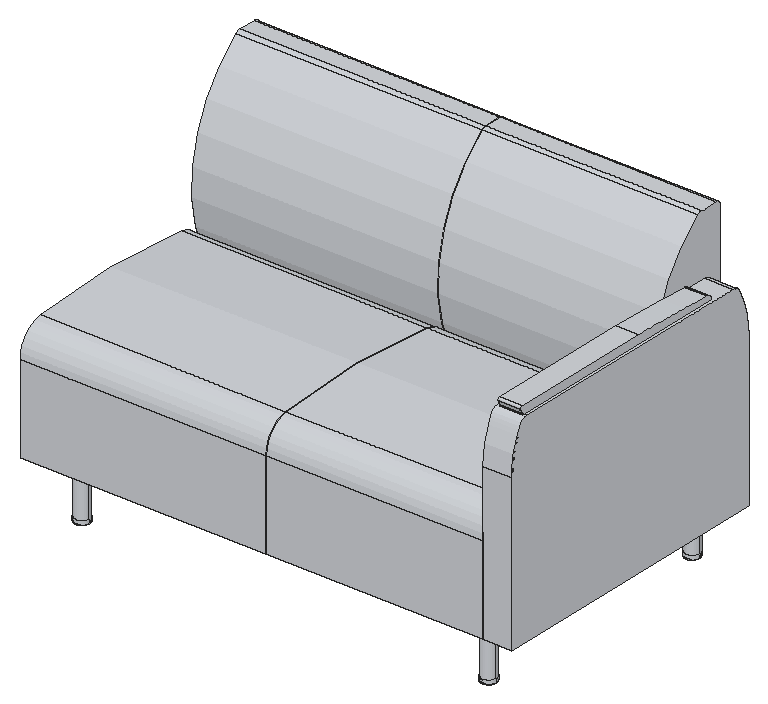
Revit family "Seat-LaZBoy-Assymble_Lounge_Seating-AS22R", category Furniture, Revit 2017
Family settings
  OmniClass Number = 23.40.20.00
  OmniClass Title = General Furniture and Specialties
  Work Plane-Based = No
  Always vertical = Yes
  Cut with Voids When Loaded = No
  Shared = No
  Room Calculation Point = No
Parameters (values of type "Solid Surface Arms Caps")
  Width = 51.00"  # constant formula
  URL = "https://www.la-z-boy.com/"
  Seat Material [instance] = none
  Product Documentation Link = "URL"
  Model = "AS22LJ"
  Manufacturer = "LaZBoy"
  Height = 32.75"  # constant formula
  Description = "2 Seat Lounge Chair, Left Side Facing with Solid Surface Arms Caps"
  Depth = 30.75"  # constant formula
  Copyright © = "Inc"
  Back Material [instance] = none
  Assembly Code = "E2020200"
  Armcap Material [instance] = none
  Arm Material [instance] = none
Types (4): name | Model | Description
  Upholstered Arms | "AS22LF" | "2 Seat Lounge Chair, Left Side Facing with Upholstered Arms"
  Urethane Arms Caps | "AS22LU" | "2 Seat Lounge Chair, Left Side Facing with Urethane Arms Caps"
  Wood Arms Caps | "AS22LW" | "2 Seat Lounge Chair, Left Side Facing with Wood Arms Caps"
  Solid Surface Arms Caps | "AS22LJ" | "2 Seat Lounge Chair, Left Side Facing with Solid Surface Arms Caps"
Reference planes (in)
  plane 1 "Center (Front/Back)": y = 0
  plane 2: z = 0
  plane 3 "Center (Left/Right)": x = 0
  plane 4: y = -15.375
  plane 5: z = 32.75
  plane 6: y = 15.375
  plane 7: x = -25.5
  plane 8: x = 25.5
  plane 9: z = 5.39888
  plane 10: x = 22.5
  plane 11 "glide 1": y = -12.84321
  plane 12: x = -21.11938
  plane 13 "glide 2": y = 13.59321
Forms (in)
  Extrusion 1, solid, material <- "Back Material"
    sketch origin (0, 0, 0) x (0, 1, 0) y (0, 0, 1)
      loop
        line (15.375, 5.39888) -> (15.375, 32.4)
        arc (15.375, 32.4) -> (15.27249, 32.64749) -> (15.025, 32.75) r 0.35
        line (15.025, 32.75) -> (13.18257, 32.75)
        arc (13.18257, 32.75) -> (12.88654, 32.70048) -> (12.62275, 32.55731) r 0.90955
        arc (12.62275, 32.55731) -> (7.27087, 24.12175) -> (8.46181, 14.20293) r 14.8761
        arc (8.46181, 14.20293) -> (10.29749, 9.8942) -> (11.61161, 5.39888) r 39.59734
        line (11.61161, 5.39888) -> (15.375, 5.39888)
    from -25.5 to 0
  Extrusion 2, solid, material <- "Seat Material"
    sketch origin (0, 0, 0) x (0, 1, 0) y (0, 0, 1)
      loop
        line (-15.375, 5.39888) -> (11.61161, 5.39888)
        arc (11.61161, 5.39888) -> (9.9596, 10.8034) -> (7.55503, 15.9177) r 39.59734
        arc (7.55503, 15.9177) -> (6.71811, 16.83642) -> (5.56221, 17.29288) r 2.75
        arc (5.56221, 17.29288) -> (-3.58084, 18.03171) -> (-12.7401, 17.53243) r 67.9538
        arc (-12.7401, 17.53243) -> (-14.6217, 16.54278) -> (-15.375, 14.55473) r 3
        line (-15.375, 14.55473) -> (-15.375, 5.39888)
    from -25.5 to 0
  Extrusion 3, solid
    sketch origin (0, 0, 0) x (1, 0, 0) y (0, 1, 0)
      loop
        circle (-21.11938, 13.59321) r 0.75
      loop
        circle (21.11938, 13.59321) r 0.75
      loop
        circle (-21.11938, -12.84321) r 0.75
      loop
        circle (21.11938, -12.84321) r 0.75
    from 0 to 5.39888
  Extrusion 4, solid, material <- "Back Material"
    sketch origin (0, 0, 0) x (0, 1, 0) y (0, 0, -1)
      loop
        line (15.375, -5.39888) -> (11.61161, -5.39888)
        arc (11.61161, -5.39888) -> (10.29749, -9.8942) -> (8.46181, -14.20293) r 39.59734
        arc (8.46181, -14.20293) -> (7.27087, -24.12175) -> (12.62275, -32.55731) r 14.8761
        arc (12.62275, -32.55731) -> (12.88654, -32.70048) -> (13.18257, -32.75) r 0.90955
        line (13.18257, -32.75) -> (15.025, -32.75)
        arc (15.025, -32.75) -> (15.27249, -32.64749) -> (15.375, -32.4) r 0.35
        line (15.375, -32.4) -> (15.375, -5.39888)
    from -22.5 to 0
  Extrusion 5, solid, material <- "Seat Material"
    sketch origin (0, 0, 0) x (0, 1, 0) y (0, 0, -1)
      loop
        line (-15.375, -5.39888) -> (-15.375, -14.55473)
        arc (-15.375, -14.55473) -> (-14.6217, -16.54278) -> (-12.7401, -17.53243) r 3
        arc (-12.7401, -17.53243) -> (-3.58084, -18.03171) -> (5.56221, -17.29288) r 67.9538
        arc (5.56221, -17.29288) -> (6.71811, -16.83642) -> (7.55503, -15.9177) r 2.75
        arc (7.55503, -15.9177) -> (9.9596, -10.8034) -> (11.61161, -5.39888) r 39.59734
        line (11.61161, -5.39888) -> (-15.375, -5.39888)
    from -22.5 to 0
  Revolve 6, solid
    sketch origin (-12, -12.84321, 0) x (1, 0, 0) y (0, 0, 1)
      loop
        line (-9.11938, 0) -> (-8.38039, 0)
        arc (-8.38039, 0) -> (-8.34459, 0.01483) -> (-8.32976, 0.05064) r 0.05064
        line (-8.32976, 0.05064) -> (-8.32976, 0.40859) -> (-9.11938, 0.40859) -> (-9.11938, 0)
      axis (-9.11938, 0.40859) -> (-9.11938, 0)
    angle from 0 to 360
  Revolve 7, solid
    sketch origin (12, -12.84321, 0) x (-1, 0, 0) y (0, 0, 1)
      loop
        line (-9.11938, 0) -> (-8.38039, 0)
        arc (-8.38039, 0) -> (-8.34459, 0.01483) -> (-8.32976, 0.05064) r 0.05064
        line (-8.32976, 0.05064) -> (-8.32976, 0.40859) -> (-9.11938, 0.40859) -> (-9.11938, 0)
      axis (-9.11938, 0.40859) -> (-9.11938, 0)
    angle from 0 to 360
  Revolve 8, solid
    sketch origin (0, 13.59321, 0) x (1, 0, 0) y (0, 0, 1)
      loop
        line (-21.11938, 0) -> (-20.38039, 0)
        arc (-20.38039, 0) -> (-20.34459, 0.01483) -> (-20.32976, 0.05064) r 0.05064
        line (-20.32976, 0.05064) -> (-20.32976, 0.40859) -> (-21.11938, 0.40859) -> (-21.11938, 0)
      axis (-21.11938, 0.40859) -> (-21.11938, 0)
    angle from 0 to 360
  Revolve 9, solid
    sketch origin (0, 13.59321, 0) x (1, 0, 0) y (0, 0, 1)
      loop
        line (21.11938, 0) -> (21.11938, 0.40859) -> (20.32976, 0.40859) -> (20.32976, 0.05064)
        arc (20.32976, 0.05064) -> (20.34459, 0.01483) -> (20.38039, 0) r 0.05064
        line (20.38039, 0) -> (21.11938, 0)
      axis (21.11938, 0.40859) -> (21.11938, 0)
    angle from 0 to 360
Lines and regions (in)
  Masking region 1
    outline origin (0, 0, 0) x (1, 0, 0) y (0, 1, 0)
      loop
        line (-25.5, 15.375) -> (-25.5, -15.375) -> (22.5, -15.375) -> (22.5, 15.375) -> (-25.5, 15.375)
  symbolic lines, detail levels fine
    curve 1: line (22.5, 11.61161, 0) -> (-25.5, 11.61161, 0)
  symbolic lines, detail levels medium+fine
    curve 2: line (-25.5, 6.90274, 0) -> (22.5, 6.90274, 0)
    curve 3: line (0, -15.375, 0) -> (0, 11.61161, 0)
Dimensions and locks (in)
  equal spacing: plane 6, plane 1 "Center (Front/Back)", plane 4
  equal spacing: plane 7, plane 3 "Center (Left/Right)", plane 8
  "Width": plane 7 to plane 8
  "Depth": plane 4 to plane 6
  "Height": plane 5 to plane 2
  plane 6 to Extrusion 3 sketch curve = 1.78179"
  locked: plane 7 to Extrusion 3 sketch curve at 4.38062
  locked: plane 9 to plane 2 at 5.39888
  locked: plane 10 to plane 8 at 3
  locked: plane 13 "glide 2" to plane 6 at 1.78179
  locked: plane 4 to plane 11 "glide 1" at 2.53179
  aligned and locked: level to plane 2
  aligned and locked: plane 3 "Center (Left/Right)" to nested 1
  aligned and locked: plane 1 "Center (Front/Back)" to nested 1
  aligned and locked: plane 6 to Extrusion 1 sketch curve
  aligned and locked: Extrusion 3 to plane 9
  aligned and locked: Masking region 1 sketch curve to plane 6
  aligned and locked: Masking region 1 sketch curve to plane 4
  aligned and locked: curve 1 to Extrusion 2
  aligned and locked: plane 3 "Center (Left/Right)" to Extrusion 1
  aligned and locked: plane 3 "Center (Left/Right)" to Extrusion 2
  aligned and locked: Extrusion 4 to plane 3 "Center (Left/Right)"
  aligned and locked: Extrusion 5 to plane 3 "Center (Left/Right)"
  aligned and locked: nested 2 to plane 8
  aligned and locked: Extrusion 2 to plane 7
  aligned and locked: Extrusion 1 to plane 7
  aligned and locked: plane 7 to curve 1
  aligned and locked: plane 7 to curve 2
  aligned and locked: Masking region 1 to Extrusion 2
  aligned and locked: Masking region 1 sketch curve to plane 10
  aligned and locked: plane 10 to Extrusion 4
  aligned and locked: Extrusion 5 to plane 10
  aligned and locked: plane 10 to curve 2
  aligned and locked: plane 10 to curve 1
Automatic sketch dimensions
  curve 3 to plane 3 "Center (Left/Right)" = 0.00"
  plane 4 to curve 3 = 0.00"
  curve 2 to curve 1 = 4.70887"
  Extrusion 1 sketch curve to plane 9 = 0.00"
  Extrusion 1 sketch curve to plane 5 = 0.00"
  Extrusion 1 sketch curve to plane 5 = 0.35"
  plane 13 "glide 2" to Extrusion 1 sketch curve = 0.41064"
  plane 13 "glide 2" to Extrusion 1 sketch curve = 1.9816"
  Extrusion 1 sketch curve to level = 3.44449"
  plane 4 to Extrusion 1 sketch curve = 11.61059"
  plane 6 to Extrusion 1 sketch curve = 6.40384"
  Extrusion 1 sketch curve to plane 5 = 11.91722"
  Extrusion 1 sketch curve to plane 5 = 0.90955"
  Extrusion 1 sketch curve to Extrusion 1 sketch curve = 0.00"
  Extrusion 2 sketch curve to plane 4 = 0.00"
  Extrusion 2 sketch curve to plane 9 = 0.00"
  Extrusion 2 sketch curve to level = 3.44449"
  plane 4 to Extrusion 2 sketch curve = 11.61059"
  Extrusion 2 sketch curve to plane 11 "glide 1" = 0.46821"
  plane 1 "Center (Front/Back)" to Extrusion 2 sketch curve = 4.47018"
  Extrusion 2 sketch curve to plane 1 "Center (Front/Back)" = 5.15622"
  plane 13 "glide 2" to Extrusion 2 sketch curve = 1.9816"
  Extrusion 2 sketch curve to level = 49.91627"
  Extrusion 2 sketch curve to Extrusion 2 sketch curve = 9.15585"
  plane 9 to Extrusion 2 sketch curve = 9.17414"
  Extrusion 2 sketch curve to Extrusion 2 sketch curve = 0.00"  (x2)
  plane 11 "glide 1" to Extrusion 3 sketch curve = 0.00"  (x2)
  Extrusion 3 sketch curve to plane 12 = 0.00"
  plane 13 "glide 2" to Extrusion 3 sketch curve = 0.00"
  Extrusion 3 sketch curve to plane 10 = 1.38062"  (x2)
  Masking region 1 sketch curve to plane 7 = 0.00"
  Extrusion 4 sketch curve to plane 9 = 0.00"
  Extrusion 4 sketch curve to plane 5 = 0.00"
  Extrusion 4 sketch curve to plane 6 = 0.00"
  Extrusion 4 sketch curve to plane 5 = 0.35"
  plane 13 "glide 2" to Extrusion 4 sketch curve = 0.41064"
  plane 13 "glide 2" to Extrusion 4 sketch curve = 1.9816"
  Extrusion 4 sketch curve to level = 3.44449"
  plane 4 to Extrusion 4 sketch curve = 11.61059"
  plane 6 to Extrusion 4 sketch curve = 6.40384"
  Extrusion 4 sketch curve to plane 5 = 0.90955"
  Extrusion 4 sketch curve to plane 5 = 11.91722"
  Extrusion 4 sketch curve to Extrusion 4 sketch curve = 0.00"
  Extrusion 5 sketch curve to plane 4 = 0.00"
  Extrusion 5 sketch curve to plane 9 = 0.00"
  Extrusion 5 sketch curve to level = 3.44449"
  plane 4 to Extrusion 5 sketch curve = 11.61059"
  Extrusion 5 sketch curve to plane 11 "glide 1" = 0.46821"
  plane 1 "Center (Front/Back)" to Extrusion 5 sketch curve = 4.47018"
  Extrusion 5 sketch curve to plane 1 "Center (Front/Back)" = 5.15622"
  plane 13 "glide 2" to Extrusion 5 sketch curve = 1.9816"
  Extrusion 5 sketch curve to Extrusion 5 sketch curve = 9.15585"
  plane 9 to Extrusion 5 sketch curve = 9.17414"
  Extrusion 5 sketch curve to level = 49.91627"
  Extrusion 5 sketch curve to Extrusion 5 sketch curve = 0.00"  (x2)
  Revolve 6 sketch curve to plane 12 = 0.00"  (x2)
  Revolve 6 sketch curve to level = 0.00"
  plane 12 to Revolve 6 sketch curve = 0.73899"
  level to Revolve 6 sketch curve = 0.05064"
  Revolve 6 sketch curve to Revolve 6 sketch curve = 0.35795"
  Revolve 6 sketch curve to level = 0.50"
  Revolve 6 sketch curve to Revolve 6 sketch curve = 1.34141"
  Revolve 7 sketch curve to level = 0.00"
  plane 10 to Revolve 7 sketch curve = 1.38062"
  Revolve 7 sketch curve to Revolve 7 sketch curve = 0.73899"
  Revolve 7 sketch curve to level = 0.05064"
  Revolve 7 sketch curve to Revolve 7 sketch curve = 0.35795"
  Revolve 7 sketch curve to Revolve 7 sketch curve = 0.00"
  level to Revolve 7 sketch curve = 0.50"
  Revolve 7 sketch curve to Revolve 7 sketch curve = 1.34141"
  Revolve 8 sketch curve to plane 12 = 0.00"  (x2)
  Revolve 8 sketch curve to level = 0.00"
  plane 12 to Revolve 8 sketch curve = 0.73899"
  level to Revolve 8 sketch curve = 0.05064"
  Revolve 8 sketch curve to Revolve 8 sketch curve = 0.35795"
  Revolve 8 sketch curve to level = 0.50"
  Revolve 8 sketch curve to Revolve 8 sketch curve = 1.34141"
  Revolve 9 sketch curve to level = 0.00"
  level to Revolve 9 sketch curve = 0.40859"
  Revolve 9 sketch curve to plane 10 = 2.17024"
  level to Revolve 9 sketch curve = 0.05064"
  Revolve 9 sketch curve to Revolve 9 sketch curve = 0.73899"
  Revolve 9 sketch curve to Revolve 9 sketch curve = 0.00"
  Revolve 9 sketch curve to Revolve 9 sketch curve = 0.50"
  Revolve 9 sketch curve to Revolve 9 sketch curve = 1.34141"
  radius of Extrusion 3 sketch curve = 0.75"  (x4)
Nested families (in)
  nested 1: "Label 1-16" at (0, 0, 0), type "Center", detail levels fine
    with Offset (LR) 0.00"
  nested 2: "Leg-Assymble-AS" at (24, -0.42331, 0) x (-1, 0, 0) z (0, 0, 1), type "Standard"
    with With Armcap yes
Definition of nested family "Leg-Assymble-AS"
  Parameters (values of type "Standard")
    With Armcap [instance] = yes
    URL = ""
    On Legs = yes
    Model = ""
    Manufacturer = ""
    Description = ""
    Depth = 30.75"
    Assembly Code = "E2020200"
    Armcap Material = none
    Arm Material = none
  Reference planes (in)
    plane 1 "Center (Front/Back)": y = 0.42331
    plane 2: z = 0
    plane 3 "Center (Left/Right)": x = 0
    plane 4: y = -14.95169
    plane 5: y = 15.79831
    plane 6 "Top": z = 26.39888
    plane 7: z = 5.39888
    plane 8: x = -1.5
    plane 9: x = 1.5
    plane 10: z = 27.20597
  Forms (in)
    Extrusion 1, solid, material <- "Arm Material"
      sketch origin (0, 0, 0) x (0, 1, 0) y (0, 0, 1)
        loop
          line (-14.95169, 5.39888) -> (15.79831, 5.39888) -> (15.79831, 21.43599)
          spline (15.79831, 21.43599) -> (15.76797, 22.12079) -> (15.68527, 22.75327) -> (15.5627, 23.33665) -> (15.41272, 23.87418) -> (15.24784, 24.36908) -> (15.08052, 24.8246) -> (14.92237, 25.24351) -> (14.76729, 25.61955) -> (14.59281, 25.93806) -> (14.37586, 26.1841) -> (14.09335, 26.34269) -> (13.7222, 26.39888)
          line (13.7222, 26.39888) -> (-12.87557, 26.39888)
          spline (-12.87557, 26.39888) -> (-13.24672, 26.34269) -> (-13.52924, 26.1841) -> (-13.74619, 25.93806) -> (-13.92066, 25.61955) -> (-14.07574, 25.24351) -> (-14.23389, 24.8246) -> (-14.40121, 24.36908) -> (-14.5661, 23.87418) -> (-14.71607, 23.33665) -> (-14.83865, 22.75327) -> (-14.92135, 22.12079) -> (-14.95169, 21.43599)
          line (-14.95169, 21.43599) -> (-14.95169, 5.39888)
      from -1.5 to 1.5
    Extrusion 2, solid, material <- "Armcap Material", visible <- "With Armcap"
      sketch origin (0, 0, 0) x (0, 1, 0) y (0, 0, 1)
        loop
          line (-13.01699, 26.39888) -> (11.3584, 26.39888)
          arc (11.3584, 26.39888) -> (11.2289, 26.74416) -> (10.89493, 26.90053) r 0.48849
          line (10.89493, 26.90053) -> (10.8547, 26.90258)
          spline (10.8547, 26.90258) -> (9.81368, 26.95548) -> (8.97711, 26.99748) -> (8.27856, 27.03149) -> (7.65189, 27.06036) -> (7.04399, 27.08607) -> (6.41901, 27.10935) -> (5.74229, 27.13088) -> (4.97919, 27.15133) -> (4.10521, 27.17117) -> (3.20988, 27.18881) -> (2.45429, 27.20138) -> (2.00065, 27.20597)
          line (2.00065, 27.20597) -> (-13.10453, 27.20597)
          arc (-13.10453, 27.20597) -> (-13.26936, 27.11925) -> (-13.29125, 26.9343) r 0.2
          line (-13.29125, 26.9343) -> (-13.11035, 26.46304)
          arc (-13.11035, 26.46304) -> (-13.07363, 26.41646) -> (-13.01699, 26.39888) r 0.1
      from -1.18 to 1.18
  Lines and regions (in)
    Masking region 1
      outline origin (0, 0, 0) x (1, 0, 0) y (0, 1, 0)
        loop
          line (-1.5, 15.79831) -> (-1.5, -14.95169) -> (1.5, -14.95169) -> (1.5, 15.79831) -> (-1.5, 15.79831)
    symbolic lines, visible <- "With Armcap"
      curve 1: line (-1.18, 11.3584, 0) -> (-1.18, -13.30453, 0)
      curve 2: line (1.18, -13.30453, 0) -> (1.18, 11.3584, 0)
      curve 3: arc (-1.18, -13.30453, 0) -> (0, -13.34619, 0) -> (1.18, -13.30453, 0) r 16.73286
    symbolic lines
      curve 4: arc (-1.18, 11.3584, 0) -> (0, 11.42098, 0) -> (1.18, 11.3584, 0) r 11.15659
  Dimensions and locks (in)
    plane 6 "Top" to plane 7 to plane 2 = 21.00" locked, 5.39888" locked
    equal spacing: plane 4, plane 1 "Center (Front/Back)", plane 5
    "Depth": plane 4 to plane 5
    equal spacing: plane 8, plane 3 "Center (Left/Right)", plane 9
    plane 8 to plane 3 "Center (Left/Right)" = 1.50"
    locked: plane 10 to plane 6 "Top" at 0.80709
    equal spacing: Extrusion 2, plane 3 "Center (Left/Right)", Extrusion 2
    locked: Extrusion 2 sketch curve to plane 4 at 1.84715
    aligned and locked: level to plane 2
    aligned and locked: plane 7 to Extrusion 1 sketch curve
    aligned and locked: plane 5 to Extrusion 1 sketch curve
    aligned and locked: plane 4 to Extrusion 1 sketch curve
    aligned and locked: plane 6 "Top" to Extrusion 1 sketch curve
    aligned and locked: plane 8 to Extrusion 1
    aligned and locked: plane 9 to Extrusion 1
    aligned and locked: plane 6 "Top" to Extrusion 2 sketch curve
    aligned and locked: Masking region 1 sketch curve to plane 4
    aligned and locked: Masking region 1 sketch curve to plane 5
    aligned and locked: Masking region 1 sketch curve to plane 8
    aligned and locked: Masking region 1 sketch curve to plane 9
    aligned and locked: Extrusion 2 to curve 1
    aligned and locked: curve 2 to Extrusion 2
  Automatic sketch dimensions
    Extrusion 1 sketch curve to plane 5 = 2.07612"
    plane 6 "Top" to Extrusion 1 sketch curve = 4.96288"  (x2)
    Extrusion 1 sketch curve to plane 4 = 2.07612"
    curve 3 to plane 3 "Center (Left/Right)" = 0.00"
    curve 1 to plane 4 = 1.64715"
    plane 1 "Center (Front/Back)" to curve 4 = 0.15892"
    curve 3 to plane 1 "Center (Front/Back)" = 2.96335"
    curve 1 to plane 5 = 4.43991"
    curve 1 to curve 2 = 0.00"
    plane 10 to Extrusion 2 sketch curve = 0.00"
    Extrusion 2 sketch curve to plane 6 "Top" = 0.06416"
    Extrusion 2 sketch curve to Extrusion 2 sketch curve = 0.00582"
    plane 10 to Extrusion 2 sketch curve = 0.27167"
    Extrusion 2 sketch curve to Extrusion 2 sketch curve = 0.18672"
    Extrusion 2 sketch curve to Extrusion 2 sketch curve = 0.09336"
    Extrusion 2 sketch curve to plane 1 "Center (Front/Back)" = 1.57734"
    plane 10 to Extrusion 2 sketch curve = 0.30339"
    Extrusion 2 sketch curve to plane 5 = 4.94361"
    Extrusion 2 sketch curve to plane 6 "Top" = 0.01379"
    Extrusion 2 sketch curve to Extrusion 2 sketch curve = 0.0154"
    plane 10 to Extrusion 2 sketch curve = 0.30544"
    Extrusion 2 sketch curve to Extrusion 2 sketch curve = 0.04023"
Definition of nested family "Label 1-16"
  Parameters (values of type "Center")
    P_Width = 0.00"
    Text_Width = "Empty"
    Text_Height = "Empty"
    Text_Diameter = "Empty"
    Text_Depth = "Empty"
    Offset (LR) [instance] = 0.00"
    Model Name = "6961"
    P_Height = 0.00"
    Distance of Center (not Change) = 0.00"
    P_Diameter = 0.00"
    P_Depth = 0.00"
  Reference planes (in)
    plane 1: y = 0
    plane 2: x = 0
  Lines and regions (in)
    reference lines
      curve 1: line (-0.44359, 0, 0) -> (0.41085, 0, 0)
      curve 3: line (0, 0.32564, 0) -> (0, -0.40221, 0)
    reference lines, not visible
      curve 2: line (-0.44359, 0.09843, 0) -> (0.41085, 0.09843, 0)
      curve 4: line (0, 0.42407, 0) -> (0, -0.30379, 0)
  Text (in)
    label "Empty" at (0.00197, -0.0079, 0), shows "Model Name"
    label "Empty" at (0.00197, 0.09052, 0), shows "Model Name", not visible
  Dimensions and locks (in)
    "Distance of Center (not Change)": plane 1 to curve 1
    "Offset (LR)": curve 3 to plane 2
  Automatic sketch dimensions
    curve 1 to curve 3 = 0.44359"
    curve 3 to curve 1 = 0.41085"
    curve 3 to curve 1 = 0.40221"
    curve 1 to curve 3 = 0.32564"
    curve 2 to curve 4 = 0.44359"
    curve 4 to curve 2 = 0.41085"
    curve 4 to curve 2 = 0.40221"
    curve 2 to curve 4 = 0.32564"
